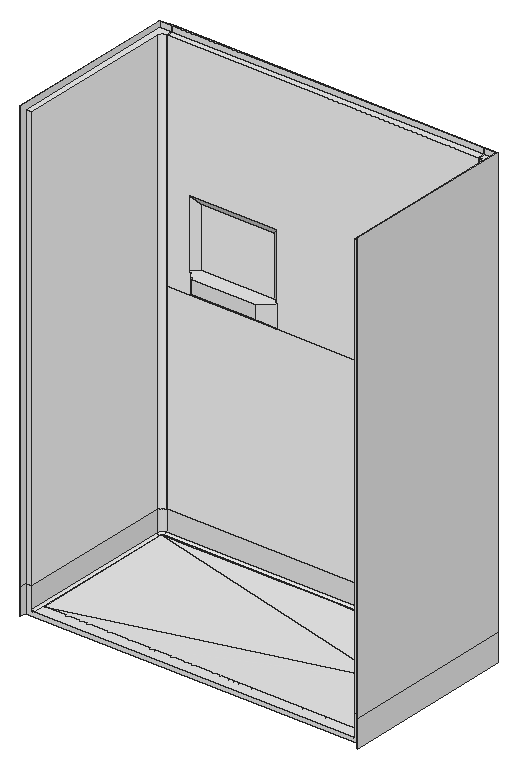
Revit family "5LBS6030E75B,E2B", category Plumbing Fixtures, Revit 2016
Family settings
  Part Type = Normal
  Round Connector Dimension = Use Diameter
  OmniClass Number = 23.45.05.14.17
  OmniClass Title = Showers
  Work Plane-Based = No
  Always vertical = Yes
  Cut with Voids When Loaded = No
  Shared = No
  Room Calculation Point = No
Parameters (values of type "5LBS6030E75B")
  Unit Width = 60"
  Unit Height = 81 1/4"
  URL = "http://www.best-bath.com/"
  Type Comments = "Barrier Free"
  Threshold Height = 3/4"
  Model = "5LBS6030E75B"
  Material [instance] = Best Bath Gelcoat Fiberglass - Smooth
  Manufacturer = "Best Bath Systems, Inc."
  Keynote = "22 40 00.B3"
  Description = "4 x 8 Subway Tile, Beveled Threshold"
  Assembly Code = "D2010710"
Types (3): name | Unit Height | Threshold Height | Model | Material
  (no name) | 81 1/4" | 3/4" | "5LBS6030E75B" | Best Bath Gelcoat Fiberglass - Smooth
  5LBS6030E75B | 81 1/4" | 3/4" | "5LBS6030E75B" | Best Bath Gelcoat Fiberglass - Smooth
  5LBS6030E2B | 82 1/2" | 2" | "5LBS6030E2B" | Best Bath Gelcoat Fiberglass - RealTile
Reference planes (in)
  plane 1: z = 0
  plane 2 "Left": x = 0
  plane 3: z = 80.25
  plane 4: z = 81.25
  plane 5: y = 6.36165
  plane 6: y = 36.36165
  plane 7: x = 60
  plane 8: y = 35.11165
  plane 9: y = 22.36165
  plane 10: z = 0.375
  plane 11: z = 0.75
  plane 12: z = 40.25
  plane 13: z = 4.75
  plane 14: y = 5.36165
  plane 15: z = 44.25
  plane 16: x = 30
Forms (in)
  Extrusion 1, solid, material "Best Bath Gelcoat Fiberglass - Smooth"
    sketch origin (0, 0, 0) x (1, 0, 0) y (0, 1, 0)
      loop
        line (0, 6.36165) -> (60, 6.36165) -> (60, 36.36165) -> (0, 36.36165) -> (0, 6.36165)
      loop
        circle (51.5, 22.36165) r 2.125
    from 0 to 0.75
  Extrusion 2, solid, material "Best Bath Gelcoat Fiberglass - Smooth" <- "Material"
    sketch origin (0, 0, 0) x (1, 0, 0) y (0, 1, 0)
      loop
        line (2.25, 36.36165) -> (2.25, 35.11165) -> (57.75, 35.11165) -> (57.75, 36.36165) -> (2.25, 36.36165)
    from 4.75 to 40.25
  Blend 3, void
    base sketch origin (0, 0, 0) x (1, 0, 0) y (0, 1, 0)
      loop
        line (1.875, 8.36165) -> (58.125, 8.36165) -> (58.125, 34.48665) -> (1.875, 34.48665) -> (1.875, 8.36165)
    top sketch origin (0, 0, 0) x (1, 0, 0) y (0, 1, 0)
      loop
        circle (51.5, 22.36165) r 0.07952
    from 0.75 to 0.375
  Extrusion 4, solid, material "Best Bath Gelcoat Fiberglass - Smooth" <- "Material"
    sketch origin (0, 0, 0) x (1, 0, 0) y (0, 1, 0)
      loop
        line (2.25, 36.36165) -> (2.25, 35.11165) -> (57.75, 35.11165) -> (57.75, 36.36165) -> (2.25, 36.36165)
    from 40.25 to 80.25
  Extrusion 5, solid, material "Best Bath Gelcoat Fiberglass - Smooth"
    sketch origin (0.25, 0, 0) x (1, 0, 0) y (0, 1, 0)
      loop
        line (-0.25, 6.36165) -> (1, 6.36165) -> (1, 34.11165)
        arc (1, 34.11165) -> (1.29289, 34.81875) -> (2, 35.11165) r 1
        line (2, 35.11165) -> (2, 36.36165) -> (-0.25, 36.36165) -> (-0.25, 6.36165)
      loop
        line (59.75, 6.36165) -> (59.75, 36.36165) -> (57.5, 36.36165) -> (57.5, 35.11165)
        arc (57.5, 35.11165) -> (58.20711, 34.81875) -> (58.5, 34.11165) r 1
        line (58.5, 34.11165) -> (58.5, 6.36165) -> (59.75, 6.36165)
    from 4.75 to 80.25
  Extrusion 6, solid, material "Best Bath Gelcoat Fiberglass - Smooth"
    sketch origin (0, 0, 0) x (1, 0, 0) y (0, 1, 0)
      loop
        line (0, 36.36165) -> (0, 6.36165) -> (1.25, 6.36165) -> (1.25, 34.11165)
        arc (1.25, 34.11165) -> (1.54289, 34.81875) -> (2.25, 35.11165) r 1
        line (2.25, 35.11165) -> (57.75, 35.11165)
        arc (57.75, 35.11165) -> (58.45711, 34.81875) -> (58.75, 34.11165) r 1
        line (58.75, 34.11165) -> (58.75, 6.36165) -> (60, 6.36165) -> (60, 35.11165) -> (60, 36.36165) -> (0, 36.36165)
    from 0 to 4.75
  Sweep 7, solid, material "Best Bath Gelcoat Fiberglass - Smooth"
    path origin (0, 0, 0) x (1, 0, 0) y (0, 1, 0)
      loop
        line (1.25, 6.36165) -> (1.25, 34.11165)
        arc (1.25, 34.11165) -> (1.54289, 34.81875) -> (2.25, 35.11165) r 1
        line (2.25, 35.11165) -> (57.75, 35.11165)
        arc (57.75, 35.11165) -> (58.45711, 34.81875) -> (58.75, 34.11165) r 1
        line (58.75, 34.11165) -> (58.75, 6.36165)
    profile origin (1.25, 20.23665, 0) x (-1, 0, 0) y (0, 0, 1)
      loop
        line (0, 0.75) -> (0, 1.125)
        arc (0, 1.125) -> (-0.10983, 0.85983) -> (-0.375, 0.75) r 0.375
        line (-0.375, 0.75) -> (0, 0.75)
  Extrusion 8, solid, material "Best Bath Gelcoat Fiberglass - Smooth"
    sketch origin (0, 0, 0) x (1, 0, 0) y (0, 1, 0)
      loop
        line (0, 5.36165) -> (0.125, 5.36165) -> (0.125, 6.36165) -> (0, 6.36165) -> (0, 5.36165)
      loop
        line (60, 5.36165) -> (60, 6.36165) -> (59.875, 6.36165) -> (59.875, 5.36165) -> (60, 5.36165)
    from 0 to 4.75
  Extrusion 9, solid, material "Best Bath Gelcoat Fiberglass - Smooth" <- "Material"
    sketch origin (0, 0, 0) x (1, 0, 0) y (0, 1, 0)
      loop
        line (2.25, 36.36165) -> (2.25, 36.23665) -> (57.75, 36.23665) -> (57.75, 36.36165) -> (2.25, 36.36165)
    from 80.25 to 81.25
  Extrusion 10, solid, material "Best Bath Gelcoat Fiberglass - Smooth"
    sketch origin (0, 0, 0) x (1, 0, 0) y (0, 1, 0)
      loop
        line (0.125, 5.36165) -> (0.125, 36.23665) -> (2.25, 36.23665) -> (2.25, 36.36165) -> (0, 36.36165) -> (0, 5.36165) -> (0.125, 5.36165)
      loop
        line (59.875, 5.36165) -> (60, 5.36165) -> (60, 36.36165) -> (57.75, 36.36165) -> (57.75, 36.23665) -> (59.875, 36.23665) -> (59.875, 5.36165)
    from 4.75 to 81.25
  Blend 11, solid, material "Best Bath Gelcoat Fiberglass - Smooth" <- "Material"
    base sketch origin (1.5, -39, 0) x (1, 0, 0) y (0, 0, 1)
      loop
        line (52.25, 44.25) -> (36.75, 44.25) -> (36.75, 40.25) -> (52.25, 40.25) -> (52.25, 44.25)
    top sketch origin (1.5, -39, 0) x (1, 0, 0) y (0, 0, 1)
      loop
        line (38.75, 44.25) -> (38.75, 41.875) -> (50.25, 41.875) -> (50.25, 44.25) -> (38.75, 44.25)
    from -74.11165 to -72.11165
  Blend 12, void
    base sketch origin (1.5, -38.5, 0) x (1, 0, 0) y (0, 0, 1)
      loop
        line (36.75, 44.25) -> (52.25, 44.25) -> (52.25, 56) -> (36.75, 56) -> (36.75, 44.25)
    top sketch origin (1.5, -38.5, 0) x (1, 0, 0) y (0, 0, 1)
      loop
        line (38, 44.25) -> (51, 44.25) -> (51, 54.75) -> (38, 54.75) -> (38, 44.25)
    from -73.61165 to -74.61165
  Blend 13, solid, material "Best Bath Gelcoat Fiberglass - Smooth" <- "Material"
    base sketch origin (58.5, -39, 0) x (-1, 0, 0) y (0, 0, -1)
      loop
        line (52.25, -44.25) -> (52.25, -40.25) -> (36.75, -40.25) -> (36.75, -44.25) -> (52.25, -44.25)
    top sketch origin (58.5, -39, 0) x (-1, 0, 0) y (0, 0, -1)
      loop
        line (38.75, -44.25) -> (50.25, -44.25) -> (50.25, -41.875) -> (38.75, -41.875) -> (38.75, -44.25)
    from -74.11165 to -72.11165
  Blend 14, void
    base sketch origin (58.5, -38.5, 0) x (-1, 0, 0) y (0, 0, -1)
      loop
        line (36.75, -44.25) -> (36.75, -56) -> (52.25, -56) -> (52.25, -44.25) -> (36.75, -44.25)
    top sketch origin (58.5, -38.5, 0) x (-1, 0, 0) y (0, 0, -1)
      loop
        line (38, -44.25) -> (38, -54.75) -> (51, -54.75) -> (51, -44.25) -> (38, -44.25)
    from -73.61165 to -74.61165
Cuts and joins
  Blend 3 cuts Extrusion 1
  joined: Extrusion 1, Extrusion 6, Sweep 7, Extrusion 8
  Blend 12, Blend 14 cuts Extrusion 4
  Blend 14 cuts Extrusion 9
  Blend 14 cuts Blend 11
  joined: Extrusion 4, Extrusion 9, Blend 11, Blend 13
  joined: Extrusion 5, Extrusion 10
Dimensions and locks (in)
  locked: plane 4 to plane 3 at 1
  "Unit Height": plane 4 to level
  plane 2 "Left" to plane 7 = 60"
  "Unit Width": plane 2 "Left" to plane 7
  locked: plane 6 to plane 8 at 1.25
  locked: plane 6 to plane 9 at 14
  "Threshold Height": plane 11 to level
  locked: plane 11 to plane 10 at 0.375
  locked: plane 12 to plane 13 at 35.5
  locked: plane 13 to plane 11 at 4
  locked: plane 5 to plane 14 at 1
  locked: plane 6 to plane 14 at 31
  locked: plane 15 to plane 12 at 4
  aligned and locked: level to plane 1
  aligned and locked: Extrusion 1 sketch curve to plane 5
  aligned and locked: Extrusion 1 sketch curve to plane 2 "Left"
  aligned and locked: plane 6 to Extrusion 1 sketch curve
  aligned and locked: Extrusion 1 sketch curve to plane 7
  aligned and locked: plane 9 to Extrusion 1 sketch curve
  aligned and locked: plane 11 to Extrusion 1
  aligned and locked: plane 9 to Blend 3 sketch curve
  aligned and locked: Extrusion 1 to Blend 3
  aligned and locked: Blend 3 to plane 10
  aligned and locked: plane 12 to Extrusion 2
  aligned and locked: Extrusion 4 to Extrusion 2
  aligned and locked: plane 3 to Extrusion 4
  aligned and locked: plane 3 to Extrusion 5
  aligned and locked: plane 13 to Extrusion 6
  aligned and locked: Extrusion 5 to plane 13
  aligned and locked: Extrusion 2 to plane 13
  aligned and locked: Sweep 7 sketch curve to plane 11
  aligned and locked: Extrusion 8 to Extrusion 2
  aligned and locked: Extrusion 9 to plane 3
  aligned and locked: plane 4 to Extrusion 9
  aligned and locked: Extrusion 10 to Extrusion 2
  aligned and locked: plane 4 to Extrusion 10
Automatic sketch dimensions
  plane 7 to Extrusion 1 sketch curve = 8 1/2"
  Extrusion 2 sketch curve to plane 8 = 0"
  Extrusion 2 sketch curve to plane 6 = 0"
  plane 2 "Left" to Extrusion 2 sketch curve = 2 1/4"
  plane 7 to Extrusion 2 sketch curve = 2 1/4"
  Blend 3 sketch curve to plane 8 = 5/8"
  plane 2 "Left" to Blend 3 sketch curve = 1 7/8"
  plane 7 to Blend 3 sketch curve = 1 7/8"
  plane 5 to Blend 3 sketch curve = 2"
  plane 7 to Blend 3 sketch curve = 8 1/2"
  Extrusion 4 sketch curve to plane 8 = 0"
  Extrusion 4 sketch curve to plane 6 = 0"
  plane 2 "Left" to Extrusion 4 sketch curve = 2 1/4"
  plane 7 to Extrusion 4 sketch curve = 2 1/4"
  Extrusion 5 sketch curve to plane 2 "Left" = 0"
  Extrusion 5 sketch curve to plane 5 = 0"  (x2)
  Extrusion 5 sketch curve to plane 6 = 0"  (x2)
  Extrusion 5 sketch curve to plane 8 = 0"  (x2)
  Extrusion 5 sketch curve to plane 7 = 0"
  Extrusion 5 sketch curve to Extrusion 5 sketch curve = 1 1/4"
  Extrusion 5 sketch curve to Extrusion 5 sketch curve = 1"
  plane 7 to Extrusion 5 sketch curve = 2 1/4"
  plane 7 to Extrusion 5 sketch curve = 1 1/4"
  Extrusion 6 sketch curve to plane 2 "Left" = 0"
  Extrusion 6 sketch curve to plane 5 = 0"  (x2)
  Extrusion 6 sketch curve to plane 8 = 0"  (x2)
  Extrusion 6 sketch curve to plane 7 = 0"
  Extrusion 6 sketch curve to plane 6 = 0"
  Extrusion 6 sketch curve to Extrusion 6 sketch curve = 1 1/4"
  Extrusion 6 sketch curve to Extrusion 6 sketch curve = 1"
  Extrusion 6 sketch curve to plane 8 = 1"
  plane 7 to Extrusion 6 sketch curve = 2 1/4"
  Sweep 7 sketch curve to plane 5 = 0"  (x2)
  Sweep 7 sketch curve to plane 8 = 0"
  plane 2 "Left" to Sweep 7 sketch curve = 1 1/4"
  Sweep 7 sketch curve to Sweep 7 sketch curve = 1"
  Sweep 7 sketch curve to plane 8 = 1"
  plane 7 to Sweep 7 sketch curve = 2 1/4"
  Sweep 7 sketch curve to profile plane = 0"
  profile plane to Sweep 7 sketch curve = 3/8"
  Extrusion 8 sketch curve to plane 2 "Left" = 0"
  Extrusion 8 sketch curve to plane 5 = 0"  (x2)
  Extrusion 8 sketch curve to plane 14 = 0"  (x2)
  Extrusion 8 sketch curve to plane 7 = 0"
  plane 2 "Left" to Extrusion 8 sketch curve = 1/8"
  plane 7 to Extrusion 8 sketch curve = 1/8"
  Extrusion 9 sketch curve to plane 6 = 0"
  Extrusion 9 sketch curve to plane 6 = 1/8"
  plane 2 "Left" to Extrusion 9 sketch curve = 2 1/4"
  plane 7 to Extrusion 9 sketch curve = 2 1/4"
  Extrusion 10 sketch curve to plane 2 "Left" = 0"
  Extrusion 10 sketch curve to plane 14 = 0"  (x2)
  Extrusion 10 sketch curve to plane 6 = 0"  (x2)
  Extrusion 10 sketch curve to plane 7 = 0"
  plane 2 "Left" to Extrusion 10 sketch curve = 1/8"
  Extrusion 10 sketch curve to plane 6 = 1/8"  (x2)
  Extrusion 10 sketch curve to Extrusion 10 sketch curve = 2 1/8"
  plane 7 to Extrusion 10 sketch curve = 2 1/4"
  plane 7 to Extrusion 10 sketch curve = 1/8"
  Blend 11 sketch curve to plane 15 = 0"  (x2)
  Blend 11 sketch curve to plane 12 = 0"
  plane 16 to Blend 11 sketch curve = 8 1/4"
  plane 7 to Blend 11 sketch curve = 6 1/4"
  plane 12 to Blend 11 sketch curve = 1 5/8"
  plane 16 to Blend 11 sketch curve = 10 1/4"
  plane 7 to Blend 11 sketch curve = 8 1/4"
  Blend 12 sketch curve to plane 15 = 0"  (x2)
  plane 16 to Blend 12 sketch curve = 8 1/4"
  plane 7 to Blend 12 sketch curve = 6 1/4"
  plane 15 to Blend 12 sketch curve = 11 3/4"
  plane 16 to Blend 12 sketch curve = 9 1/2"
  plane 7 to Blend 12 sketch curve = 7 1/2"
  plane 15 to Blend 12 sketch curve = 10 1/2"
  Blend 13 sketch curve to plane 15 = 0"  (x2)
  Blend 13 sketch curve to plane 12 = 0"
  Blend 13 sketch curve to plane 16 = 8 1/4"
  plane 2 "Left" to Blend 13 sketch curve = 6 1/4"
  plane 12 to Blend 13 sketch curve = 1 5/8"
  Blend 13 sketch curve to plane 16 = 10 1/4"
  plane 2 "Left" to Blend 13 sketch curve = 8 1/4"
  Blend 14 sketch curve to plane 15 = 0"  (x2)
  Blend 14 sketch curve to plane 16 = 8 1/4"
  plane 2 "Left" to Blend 14 sketch curve = 6 1/4"
  plane 15 to Blend 14 sketch curve = 11 3/4"
  Blend 14 sketch curve to plane 16 = 9 1/2"
  plane 2 "Left" to Blend 14 sketch curve = 7 1/2"
  plane 15 to Blend 14 sketch curve = 10 1/2"
  radius of Extrusion 1 sketch curve = 2 1/8"
  radius of Blend 3 sketch curve = 0.07952"
